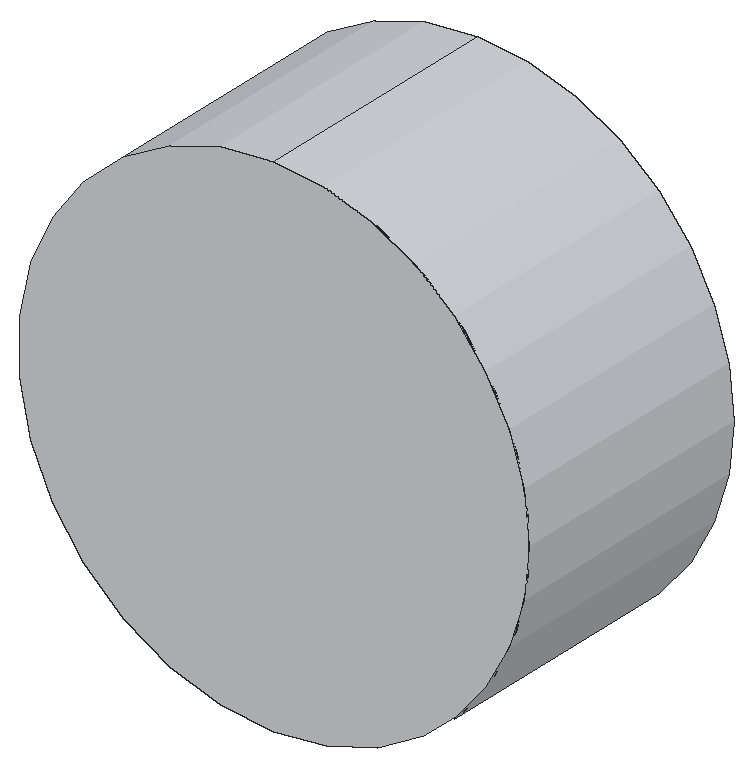
Revit family "09601400", category Specialty Equipment, Revit 2024
Family settings
  Round Connector Dimension = Use Diameter
  Part Type = Normal
  OmniClass Number = 23.40.00.00
  OmniClass Title = Equipment and Furnishings
  Work Plane-Based = No
  Enable Cutting in Views = Yes
  Always vertical = Yes
  Cut with Voids When Loaded = No
  Maintain Annotation Orientation = No
  Shared = No
  Room Calculation Point = No
Parameters (values of type "Standard")
  URL = "https://www.rustfriebergh.no/produkter/varmeplater-2/varmeplate-rbvps"
  Part Number = "09601400"
  Model = "09601400"
  Manufacturer = "Rustfriebergh AS"
  Designer = "GeirG"
  Design State = 1
  Description = "Varmeplate RBVPS-4 GN"
  Default Elevation = 0 mm
  Creation Date = "18.04.2013"
  Author = "GeirG"
Reference planes
  plane 1 "Center (Front/Back)": y = 0
  plane 2: z = 0
  plane 3 "Center (Left/Right)": x = 0
Forms (mm)
  Extrusion 1, solid
    sketch origin (605.53, -142.5, -118.22) x (0, 0, -1) y (1, 0, 0)
      loop
        circle (0, 0) r 3.048
    from 0 to -3.048
Dimensions and locks
  aligned and locked: level to plane 2
Connectors
  electrical at (605.53, -142.5, -118.22)
    settings: on Extrusion 1, index 1, voltage 230 V, apparent load 1600 VA, apparent load phase1 0 VA, apparent load phase2 0 VA, apparent load phase3 0 VA, power factor 0, load classification "Other", number of poles 1, system type 30, power factor state 1, is connector primary yes, connector utility no, sub classification motor no, connector description "Strømart"
